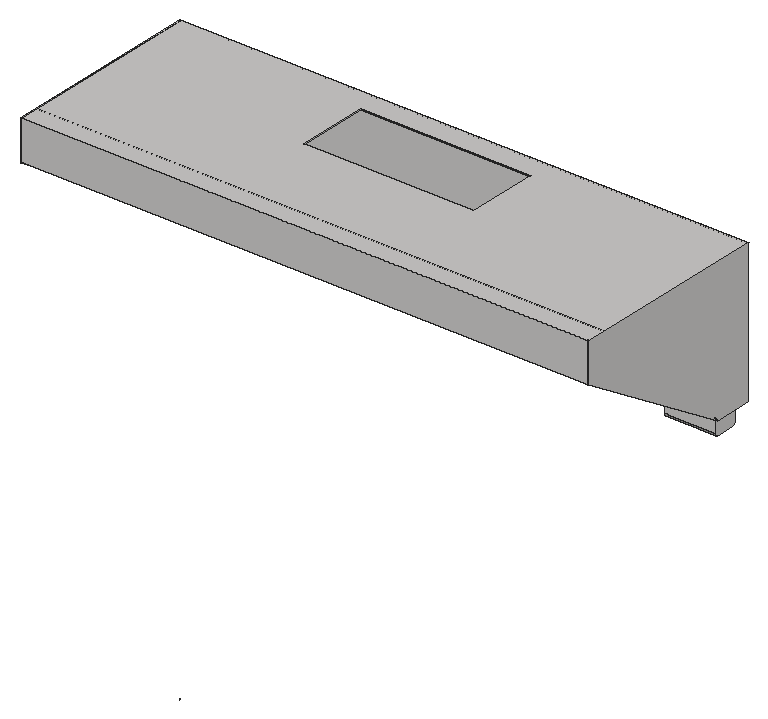
Revit family "QF_ELECTROLUXPROFESSIONAL_642272_MP720BT", category Specialty Equipment, Revit 2014
Reference planes
  plane 1: z = 0
  plane 2 "Center (Left/Right)": x = 150
  plane 3 "LEFT": x = -850
  plane 4 "RIGHT": x = 1150
  plane 5 "BACK": y = 550
  plane 6 "Plane": z = 2000
  plane 7 "TOP": z = 2140
  plane 8 "Base": z = 1640
  plane 9: z = 1566
  plane 10 "DrainY": y = 485
  plane 11: x = -847
  plane 12: through (0, 414.509, 1640.8) normal (0, 0.7314, 0.682)
  plane 13: y = 470
  plane 14: y = 220
  plane 15 "DrainX": x = 1030
  plane 16: x = -150
  plane 17: x = 450
  plane 18: x = 1147
  plane 19: x = 940
  plane 20: x = 1120
  plane 21: x = -810
  plane 22: x = 1110
  plane 23: x = -47.5
  plane 24: x = 347.5
  plane 25 "Center (Front/Back)": y = 200
  plane 26 "Front": y = -150
Forms (mm)
  Extrusion 1, solid, material "QF_Finishes_Stainless Steel"
    sketch origin (-850, 0, 0) x (0, 1, 0) y (0, 0, 1)
      loop
        line (550, 1640) -> (550, 2140) -> (-150, 2140) -> (-150, 1999.112) -> (413.973, 1640) -> (550, 1640)
    from 0 to 3
  Extrusion 2, solid, material "QF_Finishes_Stainless Steel"
    sketch origin (150, 0, 0) x (0, 1, 0) y (0, 0, 1)
      loop
        line (415.255, 1640) -> (550, 1640) -> (550, 2139.19) -> (549.2, 2139.19) -> (549.2, 1640.8) -> (415.876, 1640.8) -> (339.347, 1722.867) -> (349.609, 1732.436) -> (348.927, 1733.167) -> (337.934, 1722.917) -> (415.255, 1640)
      loop
        line (-82.203, 2139.19) -> (-82.203, 2118.6) -> (-31.047, 2118.6) -> (34.354, 2048.466) -> (46.028, 2059.352) -> (45.346, 2060.083) -> (34.403, 2049.879) -> (-30.612, 2119.6) -> (-81.203, 2119.6) -> (-81.203, 2139.19) -> (-82.203, 2139.19)
    from -997 to 997
  Extrusion 3, solid, material "QF_Finishes_Stainless Steel"
    sketch origin (1150, 0, 0) x (0, 1, 0) y (0, 0, 1)
      loop
        line (550, 1640) -> (550, 2140) -> (-150, 2140) -> (-150, 1999.112) -> (413.973, 1640) -> (550, 1640)
    from 0 to -3
  Extrusion 4, solid, material "QF_Finishes_Stainless Steel"
    sketch origin (150, 0, 0) x (0, 1, 0) y (0, 0, 1)
      loop
        line (-150, 2140) -> (-150, 2000) -> (-149.2, 2000) -> (-149.2, 2139.19) -> (550, 2139.19) -> (550, 2140) -> (-150, 2140)
    from -1000 to 1000
  Extrusion 5, solid, material "QF_Finishes_Stainless Steel"
    sketch origin (150, 0, 0) x (0, 1, 0) y (0, 0, 1)
      loop
        line (534, 1640) -> (436, 1640) -> (436, 1627) -> (443.5, 1627) -> (443.5, 1576)
        arc (443.5, 1576) -> (446.429, 1568.929) -> (453.5, 1566) r 10
        line (453.5, 1566) -> (516.5, 1566)
        arc (516.5, 1566) -> (523.571, 1568.929) -> (526.5, 1576) r 10
        line (526.5, 1576) -> (526.5, 1627) -> (534, 1627) -> (534, 1640)
    from 790 to 970
  Extrusion 6, solid, material "QF_Finishes_Stainless Steel"
    sketch origin (0, 0, 1640) x (0, 1, 0) y (-1, 0, 0)
      loop
        circle (485, -1030) r 20
    from -76 to -74
  Extrusion 7, solid, material "QF_Finished_Chrome"
    sketch origin (150, 0, 0) x (0, 1, 0) y (0, 0, 1)
      loop
        line (337.934, 1722.917) -> (341.591, 1726.327) -> (38.011, 2051.876) -> (34.354, 2048.466) -> (337.934, 1722.917)
    from -197.5 to -960
  Extrusion 8, solid, material "QF_Finishes_Stainless Steel"
    sketch origin (150, 0, 0) x (0, 1, 0) y (0, 0, 1)
      loop
        line (337.934, 1722.917) -> (341.591, 1726.327) -> (38.011, 2051.876) -> (34.354, 2048.466) -> (337.934, 1722.917)
    from 997 to 960
  Extrusion 9, solid, material "QF_Finished_Chrome"
    sketch origin (150, 0, 0) x (0, 1, 0) y (0, 0, 1)
      loop
        line (341.588, 1726.324) -> (38.009, 2051.874) -> (34.354, 2048.466) -> (337.934, 1722.917) -> (341.588, 1726.324)
    from 197.5 to 960
  Extrusion 10, void
    sketch origin (0, 0, 2140) x (0, 1, 0) y (-1, 0, 0)
      loop
        line (470, -450) -> (470, 150) -> (220, 150) -> (220, -450) -> (470, -450)
    from 0 to -10
  Extrusion 11, solid, material "QF_Finishes_Stainless Steel"
    sketch origin (0, 0, 0) x (1, 0, 0) y (0, 1, 0)
      loop
        line (-850, 550) -> (-850, 549) -> (-849, 549) -> (-849, 550) -> (-850, 550)
    from 0 to 1
  Extrusion 12, solid, material "QF_Finishes_Stainless Steel"
    sketch origin (150, 0, 0) x (0, 1, 0) y (0, 0, 1)
      loop
        line (337.934, 1722.917) -> (341.591, 1726.327) -> (38.011, 2051.876) -> (34.354, 2048.466) -> (337.934, 1722.917)
    from -960 to -997
  Extrusion 13, solid, material "QF_Finishes_Stainless Steel"
    sketch origin (150, 0, 0) x (0, 1, 0) y (0, 0, 1)
      loop
        line (337.934, 1722.917) -> (341.591, 1726.327) -> (38.011, 2051.876) -> (34.354, 2048.466) -> (337.934, 1722.917)
    from 197.5 to -197.5
Cuts and joins
  Extrusion 10 cuts Extrusion 4
  joined: Extrusion 2, Extrusion 4
Lines and regions (mm)
  reference lines
    curve 1: line (150, 34.354, 2048.466) -> (150, 34.354, 1888.466)
  symbolic lines, style "SpecialityEquipment", detail levels coarse
    curve 2: line (1150, 550, 2140) -> (-850, 550, 2140)
    curve 3: line (-850, 550, 2140) -> (-850, -150, 2140)
    curve 4: line (1150, -150, 2140) -> (1150, 550, 2140)
    curve 5: line (-850, -150, 2140) -> (1150, -150, 2140)
    curve 6: line (450, 220, 2140) -> (-150, 220, 2140)
    curve 7: line (450, 470, 2140) -> (450, 220, 2140)
    curve 8: line (-150, 470, 2140) -> (450, 470, 2140)
    curve 9: line (-150, 220, 2140) -> (-150, 470, 2140)
    curve 10: line (-850, -150, 0) -> (1150, 550, 0)
    curve 11: line (1150, -150, 0) -> (-850, 550, 0)
Dimensions and locks
  plane 3 "LEFT" to plane 4 "RIGHT" = 2000 mm
  equal spacing: plane 3 "LEFT", plane 2 "Center (Left/Right)", plane 4 "RIGHT"
  locked: plane 6 "Plane" to level at 2000
  plane 7 "TOP" to plane 6 "Plane" = 140 mm
  locked: plane 7 "TOP" to plane 8 "Base" at 500
  plane 8 "Base" to plane 9 = 74 mm
  plane 5 "BACK" to plane 10 "DrainY" = 65 mm  (x2)
  plane 3 "LEFT" to plane 11 = 3 mm
  plane 5 "BACK" to plane 13 = 80 mm
  plane 13 to plane 14 = 250 mm  (x2)
  plane 15 "DrainX" to plane 4 "RIGHT" = 120 mm
  plane 18 to plane 4 "RIGHT" = 3 mm
  locked: plane 19 to plane 15 "DrainX" at 90
  locked: plane 15 "DrainX" to plane 20 at 90
  plane 13 to plane 5 "BACK" = 80 mm
  locked: plane 3 "LEFT" to plane 21 at 40
  locked: plane 22 to plane 4 "RIGHT" at 40
  locked: plane 23 to plane 24 at 395
  equal spacing: plane 23, plane 2 "Center (Left/Right)", plane 24
  locked: plane 16 to plane 17 at 600
  equal spacing: plane 16, plane 2 "Center (Left/Right)", plane 17
  locked: plane 5 "BACK" to plane 26 "Front" at 700
  equal spacing: plane 5 "BACK", plane 25 "Center (Front/Back)", plane 26 "Front"
  plane 5 "BACK" to plane 26 "Front" = 700 mm
  aligned and locked: level to plane 1
  aligned and locked: Extrusion 2 to Extrusion 1
  aligned and locked: Extrusion 2 to Extrusion 3
  aligned and locked: plane 4 "RIGHT" to Extrusion 4
  aligned and locked: Extrusion 4 to plane 3 "LEFT"
  aligned and locked: plane 18 to Extrusion 8
  aligned and locked: Extrusion 10 to plane 16
  aligned and locked: Extrusion 10 to plane 14
  aligned and locked: Extrusion 10 to plane 13
  aligned and locked: Extrusion 2 to Extrusion 4
  aligned and locked: plane 20 to Extrusion 5
  aligned and locked: Extrusion 5 to plane 19
  aligned and locked: Extrusion 8 to plane 22
  aligned and locked: Extrusion 9 to plane 22
  aligned and locked: Extrusion 7 to plane 21
  aligned and locked: Extrusion 12 to plane 11
  aligned and locked: plane 21 to Extrusion 12
  aligned and locked: Extrusion 3 to plane 18
  aligned and locked: Extrusion 10 to plane 17
  aligned and locked: plane 17 to curve 7
  aligned and locked: plane 24 to Extrusion 13
  aligned and locked: Extrusion 13 to plane 23
  aligned and locked: Extrusion 9 to plane 24
Automatic sketch dimensions
  curve 5 to plane 4 "RIGHT" = 0 mm
  curve 6 to plane 14 = 0 mm
  plane 13 to curve 8 = 0 mm
  curve 3 to plane 3 "LEFT" = 0 mm
  curve 3 to plane 5 "BACK" = 0 mm
  curve 6 to plane 16 = 0 mm
  Extrusion 2 sketch curve to plane 12 = 0 mm  (x3)
  Extrusion 2 sketch curve to plane 8 "Base" = 0 mm
  plane 12 to Extrusion 2 sketch curve = 0 mm
  Extrusion 2 sketch curve to plane 5 "BACK" = 0 mm
  Extrusion 2 sketch curve to Extrusion 2 sketch curve = 65.646 mm
  Extrusion 2 sketch curve to Extrusion 2 sketch curve = 0.682 mm  (x2)
  Extrusion 2 sketch curve to Extrusion 2 sketch curve = 10.261 mm
  plane 8 "Base" to Extrusion 2 sketch curve = 82.917 mm
  Extrusion 2 sketch curve to Extrusion 2 sketch curve = 10.942 mm
  Extrusion 2 sketch curve to Extrusion 2 sketch curve = 0.049 mm
  Extrusion 2 sketch curve to plane 7 "TOP" = 20.4 mm
  Extrusion 2 sketch curve to plane 7 "TOP" = 21.4 mm
  Extrusion 2 sketch curve to plane 7 "TOP" = 0.81 mm  (x2)
  Extrusion 2 sketch curve to Extrusion 2 sketch curve = 50.156 mm
  Extrusion 2 sketch curve to Extrusion 2 sketch curve = 1 mm
  plane 8 "Base" to Extrusion 2 sketch curve = 0.8 mm
  Extrusion 2 sketch curve to plane 5 "BACK" = 0.8 mm
  Extrusion 3 sketch curve to plane 8 "Base" = 0 mm
  Extrusion 3 sketch curve to plane 5 "BACK" = 0 mm
  Extrusion 3 sketch curve to plane 7 "TOP" = 0 mm
  plane 13 to Extrusion 3 sketch curve = 56.027 mm
  Extrusion 3 sketch curve to plane 6 "Plane" = 0.888 mm
  Extrusion 4 sketch curve to plane 6 "Plane" = 0 mm
  Extrusion 4 sketch curve to plane 5 "BACK" = 0 mm
  Extrusion 4 sketch curve to plane 7 "TOP" = 0 mm
  Extrusion 4 sketch curve to plane 7 "TOP" = 0.81 mm
  curve 1 to plane 12 = 0 mm
  curve 1 to plane 6 "Plane" = 111.534 mm
  Extrusion 5 sketch curve to plane 8 "Base" = 0 mm
  Extrusion 5 sketch curve to plane 9 = 0 mm
  Extrusion 5 sketch curve to plane 8 "Base" = 13 mm  (x2)
  plane 13 to Extrusion 5 sketch curve = 34 mm
  Extrusion 5 sketch curve to Extrusion 5 sketch curve = 7.5 mm  (x2)
  Extrusion 5 sketch curve to Extrusion 5 sketch curve = 10 mm
  plane 10 "DrainY" to Extrusion 5 sketch curve = 31.5 mm
  Extrusion 5 sketch curve to plane 5 "BACK" = 23.5 mm
  Extrusion 6 sketch curve to plane 10 "DrainY" = 0 mm
  Extrusion 6 sketch curve to plane 15 "DrainX" = 0 mm
  Extrusion 7 sketch curve to plane 12 = 0 mm  (x2)
  Extrusion 7 sketch curve to Extrusion 7 sketch curve = 3.657 mm
  plane 8 "Base" to Extrusion 7 sketch curve = 82.917 mm
  Extrusion 8 sketch curve to plane 12 = 0 mm  (x2)
  Extrusion 8 sketch curve to Extrusion 8 sketch curve = 3.657 mm
  plane 8 "Base" to Extrusion 8 sketch curve = 82.917 mm
  Extrusion 9 sketch curve to plane 12 = 0 mm  (x2)
  Extrusion 9 sketch curve to Extrusion 9 sketch curve = 3.655 mm
  plane 8 "Base" to Extrusion 9 sketch curve = 82.917 mm
  Extrusion 10 sketch curve to plane 14 = 0 mm
  plane 13 to Extrusion 10 sketch curve = 0 mm
  Extrusion 10 sketch curve to plane 17 = 0 mm
  Extrusion 10 sketch curve to plane 16 = 0 mm
  Extrusion 11 sketch curve to plane 3 "LEFT" = 0 mm
  Extrusion 11 sketch curve to plane 5 "BACK" = 0 mm
  plane 3 "LEFT" to Extrusion 11 sketch curve = 1 mm
  Extrusion 11 sketch curve to Extrusion 11 sketch curve = 1 mm
  Extrusion 12 sketch curve to plane 12 = 0 mm  (x2)
  Extrusion 12 sketch curve to Extrusion 12 sketch curve = 3.657 mm
  plane 8 "Base" to Extrusion 12 sketch curve = 82.917 mm
  Extrusion 13 sketch curve to plane 12 = 0 mm  (x2)
  Extrusion 13 sketch curve to Extrusion 13 sketch curve = 3.657 mm
  plane 8 "Base" to Extrusion 13 sketch curve = 82.917 mm
  Extrusion 4 sketch curve to Extrusion 4 sketch curve = 0.8 mm
  curve 5 to plane 14 = 370 mm
  plane 6 "Plane" to Extrusion 2 sketch curve = 48.466 mm
  Extrusion 3 sketch curve to plane 14 = 370 mm
  Extrusion 4 sketch curve to plane 14 = 369.2 mm
  curve 1 to plane 14 = 185.646 mm
  plane 6 "Plane" to Extrusion 7 sketch curve = 51.876 mm
  plane 6 "Plane" to Extrusion 8 sketch curve = 51.876 mm
  plane 6 "Plane" to Extrusion 9 sketch curve = 51.874 mm
  plane 6 "Plane" to Extrusion 12 sketch curve = 51.876 mm
  plane 6 "Plane" to Extrusion 13 sketch curve = 51.876 mm
  Extrusion 1 sketch curve to plane 26 "Front" = 0 mm
  Extrusion 1 sketch curve to plane 8 "Base" = 0 mm
  Extrusion 1 sketch curve to plane 5 "BACK" = 0 mm
  Extrusion 1 sketch curve to plane 7 "TOP" = 0 mm
  plane 13 to Extrusion 1 sketch curve = 56.027 mm
  Extrusion 1 sketch curve to plane 6 "Plane" = 0.888 mm
  curve 11 to plane 3 "LEFT" = 0 mm
  curve 10 to plane 3 "LEFT" = 0 mm
  curve 11 to plane 4 "RIGHT" = 0 mm
  curve 10 to plane 4 "RIGHT" = 0 mm
  curve 11 to plane 26 "Front" = 0 mm
  curve 10 to plane 26 "Front" = 0 mm
  curve 11 to plane 5 "BACK" = 0 mm
  curve 10 to plane 5 "BACK" = 0 mm
  radius of Extrusion 6 sketch curve = 20 mm
Connectors
  piping at (1030, 485, 1564), diameter 20
    settings: on Extrusion 6, index 1, connector inside diameter 609.6 mm, connector length 0 mm, flow factor 0, pipe flow 0.0 L/s, pressure drop 0.0 Pa, fitting loss kfactor 0, connector angle 0.00°, fixture units 0, engagement length 0 mm, angle of deflection 0.00°, flow configuration 1, flow direction 2, fitting loss method 0, system type 16, joint type 0, gender type 0, connector reference index -1, connector utility 0, adjustable connector no, is connector primary yes, connector description "Drain"
  hvac at (150, 345, 2140)
    settings: on Extrusion 10, index 2, duct flow 0.0 L/s, flow factor 0, pres drop 0.0 Pa, loss coef 0, conn angle 0.00°, conn width 250 mm, conn height 600 mm, conn diameter 609.6 mm, duct sys type 3, conn prof type 1, flow config 0, flow direction 2, loss method 0, conn ref index -1, conn util no, is conn primary yes, conn desc "EXHAUST OUTLET"
